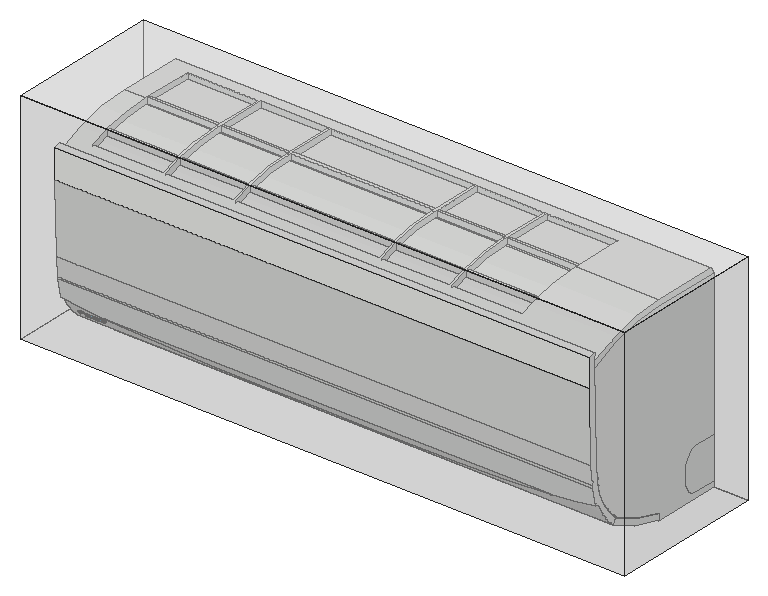
Revit family "outputfile", category 機械設備, Revit 2024
Family settings
  丸型コネクタ寸法 = 半径を使用
  パーツ タイプ = 標準
  OmniClass 番号 = 23.75.10.24.21.27.27
  OmniClass タイトル = Split System Air Conditioning Units
  作業面ベース = いいえ
  常に垂直 = はい
  ロード時にボイドで切り取り = いいえ
  注釈の向きを維持 = いいえ
  共有 = いいえ
  部屋計算ポイント = いいえ
Parameters (values of type "CTKC12RV2S")
  Description = ""
  書き出し IFC クラス(タイプ) = "IfcUnitaryEquipmentType"
  定義済み IFC タイプ(タイプ) = "AIRCONDITIONINGUNIT"
  Cost = 0
  Type Comments = ""
  Keynote = ""
  Type Image = (empty or 0)
  Assembly Code = ""
  w_wall hole = if(Width = 770.0 mm, 48.0 mm, 60.0 mm)  # 48.0 mm
  製造元 = "Daikin"
  モデル = "CTKC12RV2S"
  switch_frequency = yes
  r_Liquid Pipe Size = Liquid Pipe Size / 2  # 3.2 mm
  r_Gas Pipe Size = Gas Pipe Size / 2  # 4.75 mm
  r_Drain Pipe Size = Drain Pipe Size / 2  # 8.0 mm
  lw_powersupply [instance] = if(Width = 770.0 mm, if(or(Rear Right Connection_refrigerant, Bottom Right Connection_refrigerant), 25.0 mm, if(or(Rear Left Connection_refrigerant, Bottom Left Connection_refrigerant), 745.0 mm, 400.0 mm)), if(Width = 990.0 mm, if(or(Rear Right Connection_refrigerant, Bottom Right Connection_refrigerant), 40.0 mm, if(or(Rear Left Connection_refrigerant, Bottom Left Connection_refrigerant), 920.0 mm, 400.0 mm)), if(or(Rear Right Connection_refrigerant, Bottom Right Connection_refrigerant), 40.0 mm, if(or(Rear Left Connection_refrigerant, Bottom Left Connection_refrigerant), 920.0 mm, 400.0 mm))))  # 400.0 mm
  lw_liquidpipe [instance] = if(Width = 770.0 mm, if(or(Rear Right Connection_refrigerant, Bottom Right Connection_refrigerant), 0.0 mm, if(or(Rear Left Connection_refrigerant, Bottom Left Connection_refrigerant), 664.0 mm, 385.0 mm)), if(Width = 990.0 mm, if(or(Rear Right Connection_refrigerant, Bottom Right Connection_refrigerant), 0.0 mm, if(or(Rear Left Connection_refrigerant, Bottom Left Connection_refrigerant), 664.0 mm + (990.0 mm - 770.0 mm), 475.0 mm)), if(or(Rear Right Connection_refrigerant, Bottom Right Connection_refrigerant), 0.0 mm, if(or(Rear Left Connection_refrigerant, Bottom Left Connection_refrigerant), 664.0 mm + (990.0 mm - 770.0 mm), 475.0 mm))))  # 385.0 mm
  lw_gaspipe [instance] = if(Width = 770.0 mm, if(or(Rear Right Connection_refrigerant, Bottom Right Connection_refrigerant), 0.0 mm, if(or(Rear Left Connection_refrigerant, Bottom Left Connection_refrigerant), 675.0 mm, if(Gas Pipe Size = 12.7 mm, 345.0 mm, 335.0 mm))), if(Width = 990.0 mm, if(or(Rear Right Connection_refrigerant, Bottom Right Connection_refrigerant), 10.0 mm, if(or(Rear Left Connection_refrigerant, Bottom Left Connection_refrigerant), 890.0 mm, if(Gas Pipe Size = 15.9 mm, 410.0 mm, 400.0 mm))), if(or(Rear Right Connection_refrigerant, Bottom Right Connection_refrigerant), 10.0 mm, if(or(Rear Left Connection_refrigerant, Bottom Left Connection_refrigerant), 890.0 mm, if(Gas Pipe Size = 15.9 mm, 410.0 mm, 400.0 mm)))))  # 335.0 mm
  lw_drainpipe [instance] = if(Width = 770.0 mm, if(or(Rear Right Connection_refrigerant, Bottom Right Connection_refrigerant), 0.0 mm, if(or(Rear Left Connection_refrigerant, Bottom Left Connection_refrigerant), 770.0 mm - 48.0 mm - 48.0 mm, 440.0 mm)), if(Width = 990.0 mm, if(or(Rear Right Connection_refrigerant, Bottom Right Connection_refrigerant), 0.0 mm, if(or(Rear Left Connection_refrigerant, Bottom Left Connection_refrigerant), 675.0 mm + (990.0 mm - 770.0 mm), 435.0 mm)), if(or(Rear Right Connection_refrigerant, Bottom Right Connection_refrigerant), 0.0 mm, if(or(Rear Left Connection_refrigerant, Bottom Left Connection_refrigerant), 675.0 mm + (990.0 mm - 770.0 mm), 435.0 mm))))  # 440.0 mm
  l_powersupply_length [instance] = if(Width = 770.0 mm, if(Right Connection_refrigerant, 400.0 mm, if(Left Connection_refrigerant, 770.0 mm - 400.0 mm, if(or(Rear Left Connection_refrigerant, Rear Right Connection_refrigerant), 15.0 mm, 50.0 mm))), if(Width = 990.0 mm, if(Right Connection_refrigerant, 400.0 mm, if(Left Connection_refrigerant, 990.0 mm - 400.0 mm, if(or(Rear Left Connection_refrigerant, Rear Right Connection_refrigerant), 15.0 mm, 50.0 mm))), if(Right Connection_refrigerant, 400.0 mm, if(Left Connection_refrigerant, 990.0 mm - 400.0 mm, if(or(Rear Left Connection_refrigerant, Rear Right Connection_refrigerant), 15.0 mm, 50.0 mm)))))  # 400.0 mm
  l_liquidpipe_length [instance] = if(Width = 770.0 mm, if(Right Connection_refrigerant, 433.0 mm, if(Left Connection_refrigerant, 337.0 mm, if(or(Rear Left Connection_refrigerant, Rear Right Connection_refrigerant), 30.0 mm, 40.0 mm))), if(Width = 990.0 mm, if(Right Connection_refrigerant, 535.0 mm, if(Left Connection_refrigerant, 455.0 mm, if(or(Rear Left Connection_refrigerant, Rear Right Connection_refrigerant), 30.0 mm, 40.0 mm))), if(Right Connection_refrigerant, 535.0 mm, if(Left Connection_refrigerant, 455.0 mm, if(or(Rear Left Connection_refrigerant, Rear Right Connection_refrigerant), 30.0 mm, 40.0 mm)))))  # 433.0 mm
  l_gaspipe_length [instance] = if(Width = 770.0 mm, if(Right Connection_refrigerant, if(Gas Pipe Size = 12.7 mm, 393.0 mm, 383.0 mm), if(Left Connection_refrigerant, if(Gas Pipe Size = 12.7 mm, 770.0 mm - 393.0 mm, 770.0 mm - 383.0 mm), if(or(Rear Left Connection_refrigerant, Rear Right Connection_refrigerant), 40.0 mm, 50.0 mm))), if(Width = 990.0 mm, if(Right Connection_refrigerant, if(Gas Pipe Size = 15.9 mm, 470.0 mm, 460.0 mm), if(Left Connection_refrigerant, if(Gas Pipe Size = 15.9 mm, 990.0 mm - 470.0 mm, 990.0 mm - 460.0 mm), if(or(Rear Left Connection_refrigerant, Rear Right Connection_refrigerant), 40.0 mm, 50.0 mm))), if(Right Connection_refrigerant, if(Gas Pipe Size = 15.9 mm, 470.0 mm, 460.0 mm), if(Left Connection_refrigerant, if(Gas Pipe Size = 15.9 mm, 990.0 mm - 470.0 mm, 990.0 mm - 460.0 mm), if(or(Rear Left Connection_refrigerant, Rear Right Connection_refrigerant), 40.0 mm, 50.0 mm)))))  # 383.0 mm
  l_drainpipe_length [instance] = if(Width = 770.0 mm, if(Right Connection_refrigerant, 488.0 mm, if(Left Connection_refrigerant, 282.0 mm, if(or(Rear Left Connection_refrigerant, Rear Right Connection_refrigerant), 15.0 mm, 20.0 mm))), if(Width = 990.0 mm, if(Right Connection_refrigerant, 495.0 mm, if(Left Connection_refrigerant, 495.0 mm, if(or(Rear Left Connection_refrigerant, Rear Right Connection_refrigerant), 15.0 mm, 20.0 mm))), if(Right Connection_refrigerant, 495.0 mm, if(Left Connection_refrigerant, 495.0 mm, if(or(Rear Left Connection_refrigerant, Rear Right Connection_refrigerant), 15.0 mm, 20.0 mm)))))  # 488.0 mm
  h*** = 0.0 mm  # constant formula
  connector_voltage = Voltage_50Hz  # 220 V
  connector_powerinput = [Power Input (Cooling)]  # 0.000 kW
  connector_phase = Phase_50Hz  # 1
  angle_vertical [instance] = if(or(Bottom Left Connection_refrigerant, Bottom Right Connection_refrigerant), 0.00°, 90.00°)  # 90.00°
  angle_horizontal [instance] = if(Right Connection_refrigerant, 90.00°, if(Left Connection_refrigerant, -90.00°, if(or(Rear Left Connection_refrigerant, Rear Right Connection_refrigerant), 180.00°, 0.00°)))  # 90.00°
  Width = 770.0 mm
  Voltage_comment_50Hz = "220 - 240"
  Voltage_50Hz = 220 V
  Version = "ver.1.0"
  Unit Type = "Wall Mounted"
  Unit Mass Weight = 9.00 kg
  Unit Designation [instance] = ""
  Uniclass2015Version = "Products v1.30"
  Uniclass2015Title = "Split coil room air conditioning units"
  Uniclass2015Code = "Pr_70_65_03_86"
  URL = ""
  Total Cooling Capacity [instance] = 0.000 kW
  Sound Pressure Level_M speed (dBA) = 34
  Sound Pressure Level_L speed (dBA) = 26
  Sound Pressure Level_H speed (dBA) = 39
  Sound Power Level_H speed (dB) = 0
  Series = "Multi Split_Fan Coil Unit"
  Sensible Cooling Capacity [instance] = 0.000 kW
  Refrigerant Type = "R32"
  Power Input (Cooling) = 0.000 kW
  Phase_50Hz = 1
  Option Accessory 3 [instance] = ""
  Option Accessory 2 [instance] = ""
  Option Accessory 1 [instance] = ""
  Nominal Cooling Capacity = 3.500 kW
  Minimum Circuit Amps_50Hz = 0.0 A
  Minimum Airflow = 402.00 m³/h
  Median Airflow = 558.00 m³/h
  Maximum Fuse Amps_50Hz = 0.0 A
  Maximum Airflow = 690.00 m³/h
  Material_Casing = DAIKIN_White_Casing_indoorunit
  Load Classification = HVAC
  Liquid Pipe Size = 6.4 mm
  Link_Nested Family [instance] = ""
  IfcVersion = ""
  IfcExportType = "AIRCONDITIONINGUNIT"
  IfcExportAs = "IfcUnitaryEquipmentType"
  Height = 285.0 mm
  Heat Exchanger Type = "Cross Fin Coil"
  Gas Pipe Size = 9.5 mm
  Frequency_50Hz = 50 Hz
  Fan Type = "Cross Flow Fan"
  Fan Drive = "Direct Drive"
  FCU Tag No. [instance] = ""
  Drain Pipe Size = 16.0 mm
  Design Supply Airflow [instance] = 0.00 m³/h
  Depth = 223.0 mm
  既定の高さ = 0.0 mm
  Cooling Entering Wet Bulb Temperature [instance] = 0.00 °C
  Cooling Entering Dry Bulb Temperature [instance] = 0.00 °C
  Cooling Ambient Wet Bulb Temperature [instance] = 0.00 °C
  Cooling Ambient Dry Bulb Temperature [instance] = 0.00 °C
  Clearance visibility [instance] = yes
  Clearance Top = 30.0 mm
  Clearance Right = 50.0 mm
  Clearance Rear = 0.0 mm
  Clearance Left = 50.0 mm
  Clearance Front = 0.0 mm
  Clearance Bottom = 0.0 mm
  Bottom Right Connection_refrigerant [instance] = no
  Bottom Left Connection_refrigerant [instance] = no
  Rear Right Connection_refrigerant [instance] = no
  Rear Left Connection_refrigerant [instance] = no
  Right Connection_refrigerant [instance] = yes
  Left Connection_refrigerant [instance] = no
Reference planes
  plane 1 "Back": y = 0
  plane 2: z = 0
  plane 3 "Center (Left/Right)": x = 0
  plane 4 "Center (Front/Back)": y = -111.5
  plane 5 "Front": y = -223
  plane 6 "Left": x = -385
  plane 7 "Right": x = 385
  plane 8 "Top": z = 0
  plane 9 "Bottom": z = -285
  plane 10: x = -435
  plane 11: x = 435
  plane 12: y = 0
  plane 13: y = -223
  plane 14: z = 30
  plane 15: z = -285
  plane 16 "lw_Piping and Wiring intake": x = 337
  plane 17 "lw_gaspipe": x = 2
  plane 18 "lw_liquidpipe": x = -48
  plane 19 "lw_drainpipe": x = -103
  plane 20 "lh_drainpipe": z = -265
  plane 21 "lh_liquidpipe": z = -245
  plane 22 "lh_gaspipe": z = -235
  plane 23 "ld_drainpipe": y = -15
  plane 24 "ld_liquidpipe": y = -30
  plane 25 "ld_gaspipe": y = -40
  plane 26 "lw_powersupply": x = -15
Dimensions and locks
  equal spacing: plane 6 "Left", plane 3 "Center (Left/Right)", plane 7 "Right"
  "Width": plane 6 "Left" to plane 7 "Right"
  equal spacing: plane 5 "Front", plane 4 "Center (Front/Back)", plane 1 "Back"
  "Depth": plane 5 "Front" to plane 1 "Back"
  "Height": plane 8 "Top" to plane 9 "Bottom"
  "Clearance Rear": plane 12 to plane 1 "Back"
  "Clearance Front": plane 13 to plane 5 "Front"
  "Clearance Top": plane 14 to plane 8 "Top"
  "Clearance Bottom": plane 9 "Bottom" to plane 15
  "w_wall hole": plane 16 "lw_Piping and Wiring intake" to plane 7 "Right"
  "lw_gaspipe": plane 17 "lw_gaspipe" to plane 16 "lw_Piping and Wiring intake"
  "lw_liquidpipe": plane 18 "lw_liquidpipe" to plane 16 "lw_Piping and Wiring intake"
  "lw_drainpipe": plane 19 "lw_drainpipe" to plane 16 "lw_Piping and Wiring intake"
  locked: plane 20 "lh_drainpipe" to plane 9 "Bottom" at 20
  locked: plane 21 "lh_liquidpipe" to plane 9 "Bottom" at 40
  locked: plane 22 "lh_gaspipe" to plane 9 "Bottom" at 50
  locked: plane 23 "ld_drainpipe" to plane 1 "Back" at 15
  locked: plane 1 "Back" to plane 24 "ld_liquidpipe" at 30
  locked: plane 1 "Back" to plane 25 "ld_gaspipe" at 40
  "lw_powersupply": plane 26 "lw_powersupply" to plane 7 "Right"
  "Clearance Right": plane 7 "Right" to plane 11
  "Clearance Left": plane 10 to plane 6 "Left"
  aligned and locked: level to plane 2
  aligned and locked: plane 12 to nested 1
  aligned and locked: nested 1 to plane 13
  aligned and locked: plane 10 to nested 1
  aligned and locked: plane 11 to nested 1
  aligned and locked: plane 15 to nested 1
  aligned and locked: plane 14 to nested 1
  aligned and locked: plane 17 "lw_gaspipe" to nested 2
  aligned and locked: nested 2 to plane 25 "ld_gaspipe"
  aligned and locked: plane 18 "lw_liquidpipe" to nested 3
  aligned and locked: nested 3 to plane 24 "ld_liquidpipe"
  aligned and locked: plane 19 "lw_drainpipe" to nested 4
  aligned and locked: nested 4 to plane 23 "ld_drainpipe"
  aligned and locked: nested 5 to plane 23 "ld_drainpipe"
  aligned and locked: plane 26 "lw_powersupply" to nested 5
  aligned and locked: level to plane 8 "Top"
  aligned and locked: plane 3 "Center (Left/Right)" to nested 6
  aligned and locked: plane 1 "Back" to nested 6
  aligned and locked: plane 8 "Top" to nested 6
Nested families
  nested 1: "daikin_clearancespace" at (0, -111.5, -127.381), show <- "Clearance visibility", visible <- "Clearance visibility", Link_Nested Family <- "Link_Nested Family", type "daikin_clearancespace"
    with width 870.0 mm, show yes, height 315.0 mm, depth 223.0 mm, Link_Nested Family ""
  nested 2: "daikin_connector_rotate3" at (2, -40, -235), angle_vertical <- "angle_vertical", angle_horizontal <- "angle_horizontal", length <- "l_gaspipe_length", radius <- "r_Gas Pipe Size", type "daikin_connector_rotate3"
    with show no, radius 4.75 mm, length 383.0 mm, angle_vertical 90.00°, angle_horizontal 90.00°
  nested 3: "daikin_connector_rotate3" at (-48, -30, -245), angle_vertical <- "angle_vertical", angle_horizontal <- "angle_horizontal", radius <- "r_Liquid Pipe Size", length <- "l_liquidpipe_length", type "daikin_connector_rotate3"
    with show no, radius 3.2 mm, length 433.0 mm, angle_vertical 90.00°, angle_horizontal 90.00°
  nested 4: "daikin_connector_rotate3" at (-103, -15, -265), angle_vertical <- "angle_vertical", angle_horizontal <- "angle_horizontal", length <- "l_drainpipe_length", radius <- "r_Drain Pipe Size", type "daikin_connector_rotate3"
    with show no, radius 8.0 mm, length 488.0 mm, angle_vertical 90.00°, angle_horizontal 90.00°
  nested 5: "daikin_connector_rotate3" at (-15, -15, -235), angle_vertical <- "angle_vertical", angle_horizontal <- "angle_horizontal", length <- "l_powersupply_length", type "daikin_connector_rotate3"
    with show no, radius 10.0 mm, length 400.0 mm, angle_vertical 90.00°, angle_horizontal 90.00°
  nested 6: "DAIKIN_indoorunit_CTKC-RV2S" at (-31, 0, 0), type "CTKC-RV2S"
Connectors
  piping at (385, -40, -235), diameter 9.5, driven by "r_Gas Pipe Size"
    settings: on nested 2, index 1, connector inside diameter 609.6 mm, connector length 0.0 mm, flow factor 0, pipe flow 0.00 m³/h, pressure drop 0.0 Pa, fitting loss kfactor 0, connector angle 0.00°, fixture units 0, engagement length 0.0 mm, angle of deflection 0.00°, flow configuration 1, flow direction 2, fitting loss method 0, system type 29, joint type 0, gender type 0, connector reference index -1, connector utility 0, adjustable connector no, is connector primary yes, connector description "Refrigerant Gas Piping"
  piping at (385, -30, -245), diameter 6.4, driven by "r_Liquid Pipe Size"
    settings: on nested 3, index 2, connector inside diameter 609.6 mm, connector length 0.0 mm, flow factor 0, pipe flow 0.00 m³/h, pressure drop 0.0 Pa, fitting loss kfactor 0, connector angle 0.00°, fixture units 0, engagement length 0.0 mm, angle of deflection 0.00°, flow configuration 1, flow direction 1, fitting loss method 0, system type 29, joint type 0, gender type 0, connector reference index -1, connector utility 0, adjustable connector no, is connector primary no, connector description "Refrigerant Liquid Piping"
  piping at (385, -15, -265), diameter 16, driven by "r_Drain Pipe Size"
    settings: on nested 4, index 3, connector inside diameter 609.6 mm, connector length 0.0 mm, flow factor 0, pipe flow 0.00 m³/h, pressure drop 0.0 Pa, fitting loss kfactor 0, connector angle 0.00°, fixture units 0, engagement length 0.0 mm, angle of deflection 0.00°, flow configuration 1, flow direction 2, fitting loss method 4, system type 16, joint type 0, gender type 0, connector reference index -1, connector utility 0, adjustable connector no, is connector primary no, connector description "Condensate Drain Piping"
  electrical at (385, -15, -235), driven by "Load Classification", driven by "connector_powerinput", driven by "connector_voltage", driven by "connector_phase"
    settings: on nested 5, index 4, voltage 220 V, apparent load 0 VA, apparent load phase1 0 VA, apparent load phase2 0 VA, apparent load phase3 0 VA, power factor 1, load classification "HVAC", number of poles 1, system type 30, power factor state 1, is connector primary yes, connector utility no, sub classification motor no, connector description "Power Supply"
Definition of nested family "daikin_clearancespace"
  Parameters (values of type "daikin_clearancespace")
    Description = "daikin_clearancespace"
    width [instance] = 1823.963 mm
    show [instance] = yes
    material = none
    height [instance] = 1359.762 mm
    depth [instance] = 880.0 mm
    Default Elevation = 0.0 mm
    Link_Nested Family [instance] = ""
  Reference planes
    plane 1 "Center (Front/Back)": y = 0
    plane 2 "Center (Elevation)": z = -0.119
    plane 3 "Center (Left/Right)": x = 0
    plane 4: y = 440
    plane 5: y = -440
    plane 6 "Right": x = 911.982
    plane 7 "Left": x = -911.982
    plane 8 "Top": z = 679.762
    plane 9 "Bottom": z = -680
  Forms (mm)
    Extrusion 1, solid, material <- "material", visible <- "show"
      sketch origin (0, 0, 0) x (1, 0, 0) y (0, 1, 0)
        loop
          line (-911.982, 440) -> (-911.982, -440) -> (911.982, -440) -> (911.982, 440) -> (-911.982, 440)
      from -680 to 679.762
  Lines and regions (mm)
    symbolic lines, visible <- "show"
      curve 1: line (911.982, 440, 0) -> (-911.982, 440, 0)
      curve 2: line (-911.982, 440, 0) -> (-911.982, -440, 0)
      curve 3: line (-911.982, -440, 0) -> (911.982, -440, 0)
      curve 4: line (911.982, -440, 0) -> (911.982, 440, 0)
      curve 5: line (911.982, 0, 679.762) -> (-911.982, 0, 679.762)
      curve 6: line (911.982, 0, -680) -> (911.982, 0, 679.762)
      curve 7: line (-911.982, 0, -680) -> (911.982, 0, -680)
      curve 8: line (-911.982, 0, 679.762) -> (-911.982, 0, -680)
      curve 9: line (0, 440, 679.762) -> (0, -440, 679.762)
      curve 10: line (0, -440, 679.762) -> (0, -440, -680)
      curve 11: line (0, 440, -680) -> (0, 440, 679.762)
      curve 12: line (0, -440, -680) -> (0, 440, -680)
  Dimensions and locks
    "width": plane 7 "Left" to plane 6 "Right"
    "depth": plane 4 to plane 5
    "height": plane 8 "Top" to plane 9 "Bottom"
    equal spacing: plane 7 "Left", plane 3 "Center (Left/Right)", plane 6 "Right"
    equal spacing: plane 4, plane 1 "Center (Front/Back)", plane 5
    equal spacing: plane 8 "Top", plane 2 "Center (Elevation)", plane 9 "Bottom"
    aligned and locked: level to plane 2 "Center (Elevation)"
    aligned and locked: Extrusion 1 sketch curve to plane 4
    aligned and locked: plane 7 "Left" to Extrusion 1 sketch curve
    aligned and locked: Extrusion 1 sketch curve to plane 5
    aligned and locked: Extrusion 1 sketch curve to plane 6 "Right"
    aligned and locked: plane 8 "Top" to Extrusion 1
    aligned and locked: curve 1 to Extrusion 1
    aligned and locked: curve 2 to Extrusion 1
    aligned and locked: curve 3 to Extrusion 1
    aligned and locked: curve 4 to Extrusion 1
    aligned and locked: curve 5 to Extrusion 1
    aligned and locked: curve 6 to Extrusion 1
    aligned and locked: curve 7 to Extrusion 1
    aligned and locked: curve 8 to Extrusion 1
    aligned and locked: curve 9 to Extrusion 1
    aligned and locked: curve 10 to Extrusion 1
    aligned and locked: curve 11 to Extrusion 1
    aligned and locked: curve 12 to Extrusion 1
    aligned and locked: Extrusion 1 to plane 9 "Bottom"
Definition of nested family "DAIKIN_indoorunit_CTKC-RV2S"
  Parameters (values of type "CTKC-RV2S")
    Material_Casing = none
    Default Elevation = 0.0 mm
  Reference planes
    plane 1 "Center (Front/Back)": y = 0
    plane 2 "reference_level": z = 0
    plane 3 "Center (Left/Right)": x = 31
    plane 4: x = -354
    plane 5: x = 416
    plane 6: z = -285
  Forms (mm)
    Extrusion 1, solid, material <- "Material_Casing"
      sketch origin (29, 0, 0) x (0, 1, 0) y (0, 0, 1)
        loop
          line (-5, 0) -> (-98, 0)
          arc (-98, 0) -> (-157.611, -7.211) -> (-213.783, -28.427) r 250
          arc (-213.783, -28.427) -> (-213.842, -32.972) -> (-213.892, -37.516) r 2191
          arc (-213.892, -37.516) -> (-157.832, -15.495) -> (-98.07, -8) r 242
          line (-98.07, -8) -> (0, -8) -> (-5, 0)
      from -383 to 387
    Extrusion 2, solid, material <- "Material_Casing"
      sketch origin (416, 1296.25, 1200) x (0, 1, 0) y (0, 0, 1)
        loop
          line (-1472.998, -1446.91) -> (-1476.998, -1453.839)
          arc (-1476.998, -1453.839) -> (-1437.481, -1472.422) -> (-1395.25, -1483.538) r 240
          line (-1395.25, -1483.538) -> (-1395.25, -1475.422)
          arc (-1395.25, -1475.422) -> (-1435.407, -1464.663) -> (-1472.998, -1446.91) r 232
      from 0 to -47.5
    Extrusion 3, solid, material <- "Material_Casing"
      sketch origin (29, 0, 0) x (0, 1, 0) y (0, 0, 1)
        loop
          arc (-223, -60.455) -> (-222.414, -110.646) -> (-220.656, -160.81) r 2149.92
          arc (-220.656, -160.81) -> (-219.65, -174.299) -> (-217.853, -187.706) r 229.911
          arc (-217.853, -187.706) -> (-205.371, -223.594) -> (-181.517, -253.17) r 111
          line (-181.517, -253.17) -> (-177.429, -246.093)
          arc (-177.429, -246.093) -> (-198.77, -218.989) -> (-209.965, -186.36) r 103
          arc (-209.965, -186.36) -> (-211.681, -173.586) -> (-212.651, -160.735) r 221.844
          arc (-212.651, -160.735) -> (-214.739, -93.233) -> (-214.74, -25.699) r 2186.828
          arc (-214.74, -25.699) -> (-214.671, -21.467) -> (-214.594, -17.235) r 2192
          line (-214.594, -17.235) -> (-223, -19.961) -> (-223, -60.455)
      from -383 to 387
    Extrusion 4, solid, material <- "Material_Casing"
      sketch origin (29, 0, 0) x (0, 1, 0) y (0, 0, 1)
        loop
          line (-181.517, -253.17) -> (-179.597, -249.846)
          arc (-179.597, -249.846) -> (-202.009, -221.399) -> (-213.189, -186.952) r 103
          line (-213.189, -186.952) -> (-217.853, -187.706)
          arc (-217.853, -187.706) -> (-217.533, -189.556) -> (-217.182, -191.4) r 111
          arc (-217.182, -191.4) -> (-213.806, -208.181) -> (-210.362, -224.948) r 4257.809
          arc (-210.362, -224.948) -> (-198.886, -237.857) -> (-186.225, -249.607) r 180
          line (-186.225, -249.607) -> (-181.517, -253.17)
      from -383 to 387
    Extrusion 5, solid, material <- "Material_Casing"
      sketch origin (29, 0, -20) x (0, 1, 0) y (0, 0, 1)
        loop
          line (0, -265) -> (0, 12) -> (-98.07, 12)
          arc (-98.07, 12) -> (-157.832, 4.505) -> (-213.892, -17.516) r 242
          arc (-213.892, -17.516) -> (-213.638, -79.114) -> (-211.653, -140.681) r 2191
          arc (-211.653, -140.681) -> (-210.685, -153.501) -> (-208.973, -166.243) r 221
          arc (-208.973, -166.243) -> (-197.471, -199.282) -> (-175.482, -226.491) r 102
          arc (-175.482, -226.491) -> (-138.004, -244.019) -> (-98, -254.579) r 231
          line (-98, -254.579) -> (-98, -265) -> (0, -265)
      from -383 to 387
    Extrusion 6, solid, material <- "Material_Casing"
      sketch origin (-354, 1296.25, 1200) x (0, 1, 0) y (0, 0, 1)
        loop
          line (-1472.998, -1446.91) -> (-1476.998, -1453.839)
          arc (-1476.998, -1453.839) -> (-1437.481, -1472.422) -> (-1395.25, -1483.538) r 240
          line (-1395.25, -1483.538) -> (-1395.25, -1475.422)
          arc (-1395.25, -1475.422) -> (-1435.407, -1464.663) -> (-1472.998, -1446.91) r 232
      from 47 to 0
    Extrusion 7, solid, material <- "Material_Casing"
      sketch origin (416, 1296.25, 1200) x (0, 1, 0) y (0, 0, 1)
        loop
          line (-1472.998, -1446.91) -> (-1476.998, -1453.839)
          arc (-1476.998, -1453.839) -> (-1443.437, -1470.168) -> (-1407.75, -1481.097) r 240
          line (-1407.75, -1481.097) -> (-1407.75, -1472.894)
          arc (-1407.75, -1472.894) -> (-1441.363, -1462.385) -> (-1472.998, -1446.91) r 232
      from -116.993 to -48.493
    Extrusion 8, solid, material <- "Material_Casing"
      sketch origin (416, 1296.25, 1200) x (0, 1, 0) y (0, 0, 1)
        loop
          line (-1472.998, -1446.91) -> (-1476.998, -1453.839)
          arc (-1476.998, -1453.839) -> (-1443.437, -1470.168) -> (-1407.75, -1481.097) r 240
          line (-1407.75, -1481.097) -> (-1407.75, -1472.894)
          arc (-1407.75, -1472.894) -> (-1441.363, -1462.385) -> (-1472.998, -1446.91) r 232
      from -717 to -121.993
    Extrusion 9, void
      sketch origin (31, 0, -235) x (1, 0, 0) y (0, 1, 0)
        loop
          line (-252.674, -22.316) -> (-354.941, -22.316) -> (-354.941, -91.341) -> (-252.674, -91.341) -> (-252.674, -22.316)
        loop
          line (-249.341, -91.341) -> (-151.574, -91.341) -> (-151.574, -22.316) -> (-249.341, -22.316) -> (-249.341, -91.341)
        loop
          line (58.309, -22.316) -> (-148.309, -22.316) -> (-148.309, -91.341) -> (58.309, -91.341) -> (58.309, -22.316)
        loop
          line (61.689, -22.316) -> (61.689, -91.341) -> (159.457, -91.341) -> (159.457, -22.316) -> (61.689, -22.316)
        loop
          line (162.789, -22.316) -> (162.789, -91.341) -> (265.057, -91.341) -> (265.057, -22.316) -> (162.789, -22.316)
        loop
          line (-354.941, -94.659) -> (-354.941, -165.259) -> (-252.674, -165.259) -> (-252.674, -94.659) -> (-354.941, -94.659)
        loop
          line (-249.341, -94.659) -> (-249.341, -165.259) -> (-151.574, -165.259) -> (-151.574, -94.659) -> (-249.341, -94.659)
        loop
          line (-148.309, -94.659) -> (-148.309, -165.259) -> (58.309, -165.259) -> (58.309, -94.659) -> (-148.309, -94.659)
        loop
          line (61.689, -94.659) -> (61.689, -165.259) -> (159.457, -165.259) -> (159.457, -94.659) -> (61.689, -94.659)
        loop
          line (162.789, -94.659) -> (162.789, -165.259) -> (265.057, -165.259) -> (265.057, -94.659) -> (162.789, -94.659)
        loop
          line (-354.941, -167.382) -> (-354.941, -192.681) -> (-252.674, -192.681) -> (-252.674, -167.382) -> (-354.941, -167.382)
        loop
          line (-249.341, -167.382) -> (-249.341, -192.681) -> (-151.574, -192.681) -> (-151.574, -167.382) -> (-249.341, -167.382)
        loop
          line (-148.309, -167.382) -> (-148.309, -192.681) -> (58.309, -192.681) -> (58.309, -167.382) -> (-148.309, -167.382)
        loop
          line (159.457, -167.382) -> (61.689, -167.382) -> (61.689, -192.681) -> (159.457, -192.681) -> (159.457, -167.382)
        loop
          line (265.057, -167.382) -> (162.789, -167.382) -> (162.789, -192.681) -> (265.057, -192.681) -> (265.057, -167.382)
      from 201.638 to 250
    Extrusion 10, void
      sketch origin (31, 0, 0) x (1, 0, 0) y (0, 0, 1)
        loop
          arc (597, -174.907) -> (0.056, -245.263) -> (-597, -175.856) r 2585.042
          line (-597, -175.856) -> (-597, -352.872) -> (597, -352.872) -> (597, -174.907)
      from 173 to 315.3
    Extrusion 11, solid, material <- "Material_Casing"
      sketch origin (31, 0, 0) x (1, 0, 0) y (0, 0, 1)
        loop
          circle (337, -240.5) r 32.5
        loop
          circle (-337, -240.5) r 32.5
      from 0 to 5
    Extrusion 12, solid, material <- "Material_Casing"
      sketch origin (416, 1296.25, 1200) x (0, -1, 0) y (0, 0, 1)
        loop
          line (1326.25, -1417) -> (1296.25, -1417) -> (1296.25, -1477) -> (1326.25, -1477)
          arc (1326.25, -1477) -> (1340.393, -1471.142) -> (1346.25, -1457) r 20
          line (1346.25, -1457) -> (1346.25, -1437)
          arc (1346.25, -1437) -> (1340.393, -1422.858) -> (1326.25, -1417) r 20
      from 0 to 5
    Extrusion 13, solid, material <- "Material_Casing"
      sketch origin (-354, 1296.25, 1200) x (0, 1, 0) y (0, 0, 1)
        loop
          line (-1296.25, -1417) -> (-1326.25, -1417)
          arc (-1326.25, -1417) -> (-1340.393, -1422.858) -> (-1346.25, -1437) r 20
          line (-1346.25, -1437) -> (-1346.25, -1457)
          arc (-1346.25, -1457) -> (-1340.393, -1471.142) -> (-1326.25, -1477) r 20
          line (-1326.25, -1477) -> (-1296.25, -1477) -> (-1296.25, -1417)
      from 0 to 5
    Extrusion 14, solid, material <- "Material_Casing"
      sketch origin (31, 0, -285) x (-1, 0, 0) y (0, -1, 0)
        loop
          line (-314, 0) -> (-314, 30)
          arc (-314, 30) -> (-319.858, 44.142) -> (-334, 50) r 20
          line (-334, 50) -> (-354, 50)
          arc (-354, 50) -> (-368.142, 44.142) -> (-374, 30) r 20
          line (-374, 30) -> (-374, 0) -> (-314, 0)
        loop
          line (374, 0) -> (374, 30)
          arc (374, 30) -> (368.142, 44.142) -> (354, 50) r 20
          line (354, 50) -> (334, 50)
          arc (334, 50) -> (319.858, 44.142) -> (314, 30) r 20
          line (314, 30) -> (314, 0) -> (374, 0)
      from 0 to 5
  Cuts and joins
    Extrusion 9 cuts Extrusion 1
    Extrusion 10 cuts Extrusion 4
    joined: Extrusion 3, Extrusion 4
  Lines and regions (mm)
    reference lines
      curve 1: line (-523, -201.911, -229.404) -> (-523, -193.542, -239.977)
  Dimensions and locks
    locked: Extrusion 10 sketch curve to Extrusion 10 sketch curve at 1194
    Extrusion 10 sketch curve to Extrusion 10 sketch curve = 1194.0 mm
    locked: Extrusion 12 sketch curve to Extrusion 12 sketch curve at 60
    locked: Extrusion 12 sketch curve to Extrusion 12 sketch curve at 50
    locked: Extrusion 14 sketch curve to Extrusion 14 sketch curve at 60  (x2)
    locked: Extrusion 14 sketch curve to Extrusion 14 sketch curve at 50
    equal spacing: plane 5, plane 3 "Center (Left/Right)", plane 4
    plane 5 to plane 4 = 770.0 mm
    locked: Extrusion 11 sketch curve to plane 4 at 48
    plane 5 to Extrusion 11 sketch curve = 48.0 mm
    plane 2 "reference_level" to plane 6 = 285.0 mm
    locked: Extrusion 11 sketch curve to plane 6 at 44.5  (x2)
    locked: cut or joined group of Extrusion 3, Extrusion 4, Extrusion 10 to nested 1 at 15
    diameter of Extrusion 11 sketch curve = 65.0 mm  (x2)
    aligned and locked: level to plane 2 "reference_level"
    aligned and locked: nested 1 to curve 1
    aligned and locked: Extrusion 13 sketch curve to Extrusion 12  (x4)
    aligned and locked: Extrusion 14 sketch curve to Extrusion 14 sketch curve  (x2)
    aligned and locked: Extrusion 11 to plane 1 "Center (Front/Back)"
  Automatic sketch dimensions
    Extrusion 10 sketch curve to plane 3 "Center (Left/Right)" = 597.0 mm
    Extrusion 10 sketch curve to plane 3 "Center (Left/Right)" = 2.0 mm
    Extrusion 10 sketch curve to level = 352.872 mm
    Extrusion 10 sketch curve to level = 175.856 mm
    Extrusion 10 sketch curve to level = 174.907 mm
    curve 1 to level = 239.977 mm
    plane 1 "Center (Front/Back)" to curve 1 = 193.542 mm
    curve 1 to curve 1 = 10.573 mm
    curve 1 to curve 1 = 8.368 mm
    Extrusion 1 sketch curve to level = 0.0 mm
    Extrusion 1 sketch curve to plane 1 "Center (Front/Back)" = 0.0 mm
    plane 1 "Center (Front/Back)" to Extrusion 1 sketch curve = 5.0 mm
    plane 1 "Center (Front/Back)" to Extrusion 1 sketch curve = 98.0 mm
    Extrusion 1 sketch curve to Extrusion 1 sketch curve = 0.07 mm
    Extrusion 1 sketch curve to level = 59.292 mm
    Extrusion 1 sketch curve to plane 1 "Center (Front/Back)" = 1977.0 mm
    Extrusion 1 sketch curve to level = 250.0 mm
    Extrusion 1 sketch curve to Extrusion 1 sketch curve = 0.0 mm
    Extrusion 1 sketch curve to level = 8.0 mm
    Extrusion 1 sketch curve to level = 28.427 mm
    plane 1 "Center (Front/Back)" to Extrusion 2 sketch curve = 180.748 mm
    Extrusion 2 sketch curve to Extrusion 2 sketch curve = 4.0 mm
    Extrusion 2 sketch curve to Extrusion 2 sketch curve = 77.747 mm
    plane 1 "Center (Front/Back)" to Extrusion 2 sketch curve = 59.279 mm
    Extrusion 2 sketch curve to Extrusion 2 sketch curve = 0.0 mm
    Extrusion 2 sketch curve to level = 283.538 mm
    Extrusion 2 sketch curve to Extrusion 2 sketch curve = 8.116 mm
    Extrusion 2 sketch curve to Extrusion 2 sketch curve = 21.583 mm
    Extrusion 2 sketch curve to Extrusion 2 sketch curve = 6.929 mm
    Extrusion 3 sketch curve to level = 19.961 mm
    plane 1 "Center (Front/Back)" to Extrusion 3 sketch curve = 223.0 mm
    Extrusion 3 sketch curve to level = 17.235 mm
    Extrusion 3 sketch curve to Extrusion 3 sketch curve = 8.406 mm
    plane 1 "Center (Front/Back)" to Extrusion 3 sketch curve = 181.517 mm
    Extrusion 3 sketch curve to Extrusion 3 sketch curve = 4.087 mm
    Extrusion 3 sketch curve to Extrusion 3 sketch curve = 69.11 mm
    Extrusion 3 sketch curve to Extrusion 3 sketch curve = 0.001 mm
    Extrusion 3 sketch curve to plane 1 "Center (Front/Back)" = 8.955 mm
    Extrusion 3 sketch curve to Extrusion 3 sketch curve = 0.067 mm
    Extrusion 3 sketch curve to level = 60.455 mm
    Extrusion 3 sketch curve to Extrusion 3 sketch curve = 1917.898 mm
    Extrusion 3 sketch curve to Extrusion 3 sketch curve = 44.907 mm
    Extrusion 3 sketch curve to Extrusion 3 sketch curve = 5.172 mm
    Extrusion 3 sketch curve to level = 150.456 mm
    Extrusion 3 sketch curve to Extrusion 3 sketch curve = 0.006 mm
    Extrusion 3 sketch curve to Extrusion 3 sketch curve = 19.265 mm
    Extrusion 3 sketch curve to Extrusion 3 sketch curve = 0.004 mm
    Extrusion 3 sketch curve to Extrusion 3 sketch curve = 76.368 mm
    Extrusion 3 sketch curve to Extrusion 3 sketch curve = 7.077 mm
    Extrusion 3 sketch curve to Extrusion 3 sketch curve = 1.002 mm
    Extrusion 3 sketch curve to Extrusion 3 sketch curve = 0.046 mm
    Extrusion 3 sketch curve to Extrusion 3 sketch curve = 8.005 mm
    Extrusion 3 sketch curve to Extrusion 3 sketch curve = 0.147 mm
    Extrusion 3 sketch curve to Extrusion 3 sketch curve = 0.0 mm
    plane 1 "Center (Front/Back)" to Extrusion 4 sketch curve = 217.853 mm
    Extrusion 4 sketch curve to Extrusion 4 sketch curve = 4.664 mm
    Extrusion 4 sketch curve to Extrusion 4 sketch curve = 26.964 mm
    Extrusion 4 sketch curve to Extrusion 4 sketch curve = 4.708 mm
    Extrusion 4 sketch curve to Extrusion 4 sketch curve = 1.92 mm
    Extrusion 4 sketch curve to Extrusion 4 sketch curve = 68.441 mm
    Extrusion 4 sketch curve to Extrusion 4 sketch curve = 2.837 mm
    Extrusion 4 sketch curve to Extrusion 4 sketch curve = 38.066 mm
    level to Extrusion 4 sketch curve = 640.031 mm
    Extrusion 4 sketch curve to plane 1 "Center (Front/Back)" = 3958.661 mm
    Extrusion 4 sketch curve to level = 111.946 mm
    Extrusion 4 sketch curve to Extrusion 4 sketch curve = 57.779 mm
    Extrusion 4 sketch curve to Extrusion 4 sketch curve = 3.149 mm
    Extrusion 4 sketch curve to Extrusion 4 sketch curve = 14.078 mm
    Extrusion 4 sketch curve to Extrusion 4 sketch curve = 0.754 mm
    Extrusion 4 sketch curve to Extrusion 4 sketch curve = 0.239 mm
    Extrusion 4 sketch curve to Extrusion 4 sketch curve = 3.324 mm
    Extrusion 4 sketch curve to Extrusion 4 sketch curve = 0.0 mm
    Extrusion 5 sketch curve to plane 1 "Center (Front/Back)" = 0.0 mm
    plane 1 "Center (Front/Back)" to Extrusion 5 sketch curve = 59.278 mm
    Extrusion 5 sketch curve to Extrusion 5 sketch curve = 98.0 mm
    Extrusion 5 sketch curve to Extrusion 5 sketch curve = 0.0 mm  (x3)
    Extrusion 5 sketch curve to level = 8.0 mm
    Extrusion 5 sketch curve to Extrusion 5 sketch curve = 38.791 mm
    Extrusion 5 sketch curve to Extrusion 5 sketch curve = 10.249 mm
    Extrusion 5 sketch curve to plane 1 "Center (Front/Back)" = 9.11 mm
    Extrusion 5 sketch curve to level = 59.292 mm
    Extrusion 5 sketch curve to Extrusion 5 sketch curve = 1967.89 mm
    Extrusion 5 sketch curve to Extrusion 5 sketch curve = 142.454 mm
    Extrusion 5 sketch curve to Extrusion 5 sketch curve = 19.271 mm
    Extrusion 5 sketch curve to Extrusion 5 sketch curve = 80.275 mm
    Extrusion 5 sketch curve to Extrusion 5 sketch curve = 24.579 mm
    Extrusion 5 sketch curve to Extrusion 5 sketch curve = 10.421 mm
    Extrusion 5 sketch curve to level = 46.847 mm
    Extrusion 5 sketch curve to Extrusion 5 sketch curve = 77.412 mm
    Extrusion 5 sketch curve to Extrusion 5 sketch curve = 33.49 mm
    Extrusion 5 sketch curve to Extrusion 5 sketch curve = 2.68 mm
    plane 1 "Center (Front/Back)" to Extrusion 6 sketch curve = 180.748 mm
    Extrusion 6 sketch curve to Extrusion 6 sketch curve = 4.0 mm
    Extrusion 6 sketch curve to Extrusion 6 sketch curve = 77.747 mm
    plane 1 "Center (Front/Back)" to Extrusion 6 sketch curve = 59.279 mm
    Extrusion 6 sketch curve to Extrusion 6 sketch curve = 0.0 mm
    Extrusion 6 sketch curve to level = 283.538 mm
    Extrusion 6 sketch curve to Extrusion 6 sketch curve = 8.116 mm
    Extrusion 6 sketch curve to Extrusion 6 sketch curve = 21.583 mm
    Extrusion 6 sketch curve to Extrusion 6 sketch curve = 6.929 mm
    plane 1 "Center (Front/Back)" to Extrusion 7 sketch curve = 180.748 mm
    Extrusion 7 sketch curve to Extrusion 7 sketch curve = 4.0 mm
    Extrusion 7 sketch curve to Extrusion 7 sketch curve = 65.247 mm
    plane 1 "Center (Front/Back)" to Extrusion 7 sketch curve = 59.279 mm
    Extrusion 7 sketch curve to Extrusion 7 sketch curve = 0.0 mm
    Extrusion 7 sketch curve to level = 281.097 mm
    Extrusion 7 sketch curve to Extrusion 7 sketch curve = 8.203 mm
    Extrusion 7 sketch curve to Extrusion 7 sketch curve = 19.055 mm
    Extrusion 7 sketch curve to Extrusion 7 sketch curve = 6.929 mm
    plane 1 "Center (Front/Back)" to Extrusion 8 sketch curve = 180.748 mm
    Extrusion 8 sketch curve to Extrusion 8 sketch curve = 4.0 mm
    Extrusion 8 sketch curve to Extrusion 8 sketch curve = 65.247 mm
    plane 1 "Center (Front/Back)" to Extrusion 8 sketch curve = 59.279 mm
    Extrusion 8 sketch curve to Extrusion 8 sketch curve = 0.0 mm
    Extrusion 8 sketch curve to level = 281.097 mm
    Extrusion 8 sketch curve to Extrusion 8 sketch curve = 8.203 mm
    Extrusion 8 sketch curve to Extrusion 8 sketch curve = 19.055 mm
    Extrusion 8 sketch curve to Extrusion 8 sketch curve = 6.929 mm
    plane 1 "Center (Front/Back)" to Extrusion 9 sketch curve = 165.259 mm  (x2)
    Extrusion 9 sketch curve to plane 3 "Center (Left/Right)" = 354.941 mm
    plane 1 "Center (Front/Back)" to Extrusion 9 sketch curve = 22.316 mm  (x3)
    Extrusion 9 sketch curve to Extrusion 9 sketch curve = 0.0 mm  (x26)
    Extrusion 9 sketch curve to Extrusion 9 sketch curve = 102.268 mm  (x2)
    Extrusion 9 sketch curve to Extrusion 9 sketch curve = 3.332 mm  (x4)
    Extrusion 9 sketch curve to Extrusion 9 sketch curve = 97.768 mm  (x2)
    Extrusion 9 sketch curve to Extrusion 9 sketch curve = 3.264 mm  (x3)
    plane 3 "Center (Left/Right)" to Extrusion 9 sketch curve = 58.309 mm
    Extrusion 9 sketch curve to Extrusion 9 sketch curve = 3.38 mm  (x3)
    Extrusion 9 sketch curve to Extrusion 9 sketch curve = 2.124 mm  (x6)
    Extrusion 9 sketch curve to Extrusion 9 sketch curve = 25.299 mm  (x2)
    Extrusion 9 sketch curve to Extrusion 9 sketch curve = 70.6 mm
    Extrusion 9 sketch curve to Extrusion 9 sketch curve = 3.317 mm  (x4)
    Extrusion 12 sketch curve to plane 1 "Center (Front/Back)" = 0.0 mm
    Extrusion 12 sketch curve to Extrusion 12 sketch curve = 20.0 mm  (x2)
    Extrusion 12 sketch curve to level = 277.0 mm
    plane 1 "Center (Front/Back)" to Extrusion 14 sketch curve = 0.0 mm
    plane 3 "Center (Left/Right)" to Extrusion 14 sketch curve = 374.0 mm
    Extrusion 14 sketch curve to Extrusion 14 sketch curve = 20.0 mm  (x3)
    plane 1 "Center (Front/Back)" to Extrusion 14 sketch curve = 30.0 mm
    Extrusion 14 sketch curve to plane 3 "Center (Left/Right)" = 314.0 mm
  Nested families
    nested 1: "daikin_logo_plane_w40" at (-320, -198.871, -233.244) x (1, 0, 0) z (0, -0.7841, -0.6206), type "daikin_logo_plane_w40"
      with show_logo yes
  Definition of nested family "daikin_logo_plane_w40"
    Parameters (values of type "daikin_logo_plane_w40")
      width = 40.0 mm
      show_logo [instance] = yes
      material = none
      height = 0.0 mm
      depth = 0.0 mm
      Default Elevation = 1219.2 mm
    Reference planes
      plane 1 "Center (Front/Back)": y = 0
      plane 2: z = 0
      plane 3 "Center (Left/Right)": x = 0
      plane 4: z = 2
      plane 5 "left": x = -19
      plane 6: x = 19
    Forms (mm)
      Extrusion 1, solid, visible <- "show_logo"
        sketch origin (-19, 0, 0) x (1, 0, 0) y (0, 1, 0)
          loop
            line (8.902, -1.878) -> (7.789, -6.332) -> (11.13, -6.332)
            arc (11.13, -6.332) -> (12.454, -6.064) -> (13.472, -5.176) r 2.642
            arc (13.472, -5.176) -> (13.92, -4.02) -> (13.767, -2.79) r 2.537
            arc (13.767, -2.79) -> (13.452, -2.342) -> (12.982, -2.06) r 1.321
            arc (12.982, -2.06) -> (12.063, -1.902) -> (11.13, -1.878) r 6.479
            line (11.13, -1.878) -> (8.902, -1.878)
          loop
            line (10.016, -5.441) -> (10.907, -5.441)
            arc (10.907, -5.441) -> (11.591, -4.983) -> (11.988, -4.261) r 1.742
            spline (11.988, -4.261) -> (12.01, -4.155) -> (12.027, -4.03) -> (12.037, -3.893) -> (12.037, -3.747) -> (12.026, -3.598) -> (12.002, -3.451) -> (11.962, -3.31) -> (11.905, -3.181) -> (11.829, -3.069) -> (11.731, -2.978) -> (11.61, -2.913) -> (11.464, -2.88)
            line (11.464, -2.88) -> (10.573, -2.88) -> (10.016, -5.441)
          loop
            line (13.58, -6.332) -> (14.805, -6.332) -> (15.223, -5.553) -> (16.977, -5.553) -> (17.144, -6.332) -> (19.149, -6.332) -> (18.258, -1.878) -> (16.03, -1.878) -> (13.58, -6.332)
          loop
            line (16.476, -3.214) -> (15.76, -4.551) -> (16.762, -4.551) -> (16.476, -3.214)
          loop
            line (19.705, -6.332) -> (21.599, -6.332) -> (22.712, -1.878) -> (20.819, -1.878) -> (19.705, -6.332)
          loop
            line (22.712, -6.332) -> (24.606, -6.332) -> (24.908, -5.122) -> (25.831, -6.332) -> (28.17, -6.332) -> (26.388, -3.994) -> (28.949, -1.878) -> (26.945, -1.878) -> (25.401, -3.153) -> (25.719, -1.878) -> (23.826, -1.878) -> (22.712, -6.332)
          loop
            line (29.84, -1.878) -> (28.615, -6.332) -> (30.62, -6.332) -> (31.734, -1.878) -> (29.84, -1.878)
          loop
            line (31.734, -6.332) -> (33.07, -6.332) -> (33.7, -3.814) -> (34.518, -6.332) -> (36.745, -6.332) -> (37.859, -1.878) -> (36.523, -1.878) -> (35.845, -4.589) -> (34.963, -1.878) -> (32.847, -1.878) -> (31.734, -6.332)
        from 0 to 2
      Extrusion 2, solid, visible <- "show_logo"
        sketch origin (-19, 0, 0) x (1, 0, 0) y (0, 1, 0)
          loop
            line (8.7, 0) -> (4.235, 0) -> (0, -3.879) -> (0, -8) -> (8.7, 0)
        from 0 to 2
      Extrusion 3, solid, visible <- "show_logo"
        sketch origin (-19, 0, 0) x (1, 0, 0) y (0, 1, 0)
          loop
            line (0, 0) -> (0, -3.879) -> (4.235, 0) -> (0, 0)
        from 0 to 2
    Dimensions and locks
      plane 4 to plane 2 = 2.0 mm
      equal spacing: plane 5 "left", plane 3 "Center (Left/Right)", plane 6
      locked: plane 5 "left" to plane 6 at 38
      aligned and locked: level to plane 2
      aligned and locked: Extrusion 3 to plane 1 "Center (Front/Back)"  (x2)
      aligned and locked: Extrusion 2 to plane 1 "Center (Front/Back)"  (x2)
      aligned and locked: plane 4 to Extrusion 1
      aligned and locked: plane 4 to Extrusion 3
      aligned and locked: plane 4 to Extrusion 2
      aligned and locked: Extrusion 3 to plane 5 "left"
      aligned and locked: Extrusion 2 to plane 5 "left"
    Automatic sketch dimensions
      Extrusion 1 sketch curve to Extrusion 1 sketch curve = 0.901 mm
      Extrusion 1 sketch curve to Extrusion 1 sketch curve = 1.559 mm
      Extrusion 1 sketch curve to Extrusion 1 sketch curve = 1.327 mm
      Extrusion 1 sketch curve to Extrusion 1 sketch curve = 2.145 mm
      Extrusion 1 sketch curve to Extrusion 1 sketch curve = 1.448 mm
      Extrusion 1 sketch curve to Extrusion 1 sketch curve = 2.116 mm
      Extrusion 1 sketch curve to Extrusion 1 sketch curve = 1.114 mm  (x4)
      Extrusion 1 sketch curve to Extrusion 1 sketch curve = 1.336 mm  (x2)
      plane 1 "Center (Front/Back)" to Extrusion 1 sketch curve = 1.878 mm  (x5)
      Extrusion 1 sketch curve to Extrusion 1 sketch curve = 1.893 mm  (x5)
      Extrusion 1 sketch curve to Extrusion 1 sketch curve = 0.891 mm  (x4)
      Extrusion 1 sketch curve to Extrusion 1 sketch curve = 2.005 mm  (x3)
      Extrusion 1 sketch curve to Extrusion 1 sketch curve = 0.445 mm  (x2)
      plane 1 "Center (Front/Back)" to Extrusion 1 sketch curve = 3.994 mm
      Extrusion 1 sketch curve to Extrusion 1 sketch curve = 0.557 mm  (x2)
      Extrusion 1 sketch curve to Extrusion 1 sketch curve = 2.339 mm  (x2)
      Extrusion 1 sketch curve to Extrusion 1 sketch curve = 1.225 mm  (x3)
      plane 1 "Center (Front/Back)" to Extrusion 1 sketch curve = 3.153 mm
      Extrusion 1 sketch curve to Extrusion 1 sketch curve = 0.987 mm
      plane 1 "Center (Front/Back)" to Extrusion 1 sketch curve = 5.122 mm
      Extrusion 1 sketch curve to Extrusion 1 sketch curve = 0.922 mm
      plane 1 "Center (Front/Back)" to Extrusion 1 sketch curve = 6.332 mm
      Extrusion 1 sketch curve to Extrusion 1 sketch curve = 2.562 mm
      plane 1 "Center (Front/Back)" to Extrusion 1 sketch curve = 5.553 mm
      Extrusion 1 sketch curve to Extrusion 1 sketch curve = 0.167 mm
      Extrusion 1 sketch curve to Extrusion 1 sketch curve = 0.215 mm
      plane 1 "Center (Front/Back)" to Extrusion 1 sketch curve = 3.214 mm
      Extrusion 1 sketch curve to Extrusion 1 sketch curve = 0.286 mm
      plane 1 "Center (Front/Back)" to Extrusion 1 sketch curve = 4.551 mm
      Extrusion 1 sketch curve to Extrusion 1 sketch curve = 1.002 mm
      Extrusion 1 sketch curve to Extrusion 1 sketch curve = 0.537 mm
      Extrusion 1 sketch curve to Extrusion 1 sketch curve = 0.418 mm
      Extrusion 1 sketch curve to Extrusion 1 sketch curve = 1.028 mm
      plane 1 "Center (Front/Back)" to Extrusion 1 sketch curve = 4.261 mm
      Extrusion 1 sketch curve to Extrusion 1 sketch curve = 0.563 mm
      plane 1 "Center (Front/Back)" to Extrusion 1 sketch curve = 2.88 mm
      Extrusion 1 sketch curve to Extrusion 1 sketch curve = 1.088 mm
      Extrusion 1 sketch curve to Extrusion 1 sketch curve = 2.152 mm
      Extrusion 1 sketch curve to Extrusion 1 sketch curve = 0.586 mm
      Extrusion 1 sketch curve to Extrusion 1 sketch curve = 0.118 mm
      Extrusion 1 sketch curve to Extrusion 1 sketch curve = 0.298 mm
      Extrusion 1 sketch curve to Extrusion 1 sketch curve = 0.334 mm
      Extrusion 1 sketch curve to Extrusion 1 sketch curve = 0.223 mm
      Extrusion 1 sketch curve to Extrusion 1 sketch curve = 0.266 mm
      Extrusion 1 sketch curve to Extrusion 1 sketch curve = 1.671 mm
      Extrusion 1 sketch curve to Extrusion 1 sketch curve = 2.227 mm
      Extrusion 1 sketch curve to Extrusion 1 sketch curve = 0.0 mm  (x7)
      Extrusion 1 sketch curve to Extrusion 1 sketch curve = 3.453 mm
      Extrusion 1 sketch curve to Extrusion 1 sketch curve = 2.017 mm
      Extrusion 1 sketch curve to Extrusion 1 sketch curve = 0.78 mm  (x2)
      Extrusion 1 sketch curve to Extrusion 1 sketch curve = 1.743 mm
      Extrusion 1 sketch curve to Extrusion 1 sketch curve = 0.775 mm
      Extrusion 1 sketch curve to Extrusion 1 sketch curve = 0.552 mm
      Extrusion 1 sketch curve to Extrusion 1 sketch curve = 0.014 mm
      Extrusion 1 sketch curve to Extrusion 1 sketch curve = 0.952 mm
      Extrusion 1 sketch curve to Extrusion 1 sketch curve = 1.215 mm
      Extrusion 1 sketch curve to Extrusion 1 sketch curve = 0.108 mm
      plane 1 "Center (Front/Back)" to Extrusion 2 sketch curve = 0.0 mm
      Extrusion 2 sketch curve to plane 3 "Center (Left/Right)" = 19.0 mm
      Extrusion 2 sketch curve to plane 3 "Center (Left/Right)" = 14.765 mm
      Extrusion 2 sketch curve to Extrusion 2 sketch curve = 4.465 mm
      plane 1 "Center (Front/Back)" to Extrusion 2 sketch curve = 3.879 mm
      Extrusion 2 sketch curve to Extrusion 2 sketch curve = 4.12 mm
      plane 1 "Center (Front/Back)" to Extrusion 3 sketch curve = 0.0 mm
      Extrusion 3 sketch curve to plane 3 "Center (Left/Right)" = 19.0 mm
      Extrusion 3 sketch curve to plane 3 "Center (Left/Right)" = 14.765 mm
      plane 1 "Center (Front/Back)" to Extrusion 3 sketch curve = 3.879 mm
      Extrusion 1 sketch curve to plane 3 "Center (Left/Right)" = 11.211 mm
      Extrusion 1 sketch curve to Extrusion 1 sketch curve = 1.782 mm
Definition of nested family "daikin_connector_rotate3"
  Parameters (values of type "daikin_connector_rotate3")
    show [instance] = yes
    radius [instance] = 10.0 mm
    length [instance] = 600.0 mm
    angle_horizontal [instance] = 60.00°
    angle_vertical [instance] = 90.00°
    Default Elevation = 1219.2 mm
  Reference planes
    plane 1 "Center (Front/Back)": y = 0
    plane 2: z = 0
    plane 3 "Center (Left/Right)": x = 0
  Dimensions and locks
    "angle_horizontal": angle plane 3 "Center (Left/Right)" to nested 1
    aligned and locked: level to plane 2
    aligned and locked: plane 1 "Center (Front/Back)" to nested 1  (x2)
    aligned and locked: plane 3 "Center (Left/Right)" to nested 1
  Nested families
    nested 1: "daikin_connector_rotate2" at (0, 0, 0) x (0.5, 0.866, 0) z (0, 0, 1), angle_vertical <- "angle_vertical", length <- "length", radius <- "radius", type "daikin_connector_rotate2"
      with radius 10.0 mm, length 600.0 mm, angle_vertical 90.00°
  Definition of nested family "daikin_connector_rotate2"
    Parameters (values of type "daikin_connector_rotate2")
      show_face = yes
      radius [instance] = 10.0 mm
      length [instance] = 600.0 mm
      d_surface = 10.0 mm
      angle_vertical [instance] = 90.00°
      Default Elevation = 0.0 mm
    Reference planes
      plane 1 "Center (Front/Back)": y = 0
      plane 2: z = 0
      plane 3 "Center (Left/Right)": x = 0
    Forms (mm)
      Extrusion 1, solid, visible <- "show_face"
        sketch origin (0, -600, 0) x (1, 0, 0) y (0, 0, 1)
          loop
            circle (0, 0) r 10
        from 0 to -10
    Lines and regions (mm)
      reference lines
        curve 1: line (0, 0, 0) -> (0, -600, 0)
      symbolic lines
        curve 2: circle (0, 0, 0) r 5 normal (0, 0, 1)
      model lines, visible <- "show_face"
        curve 3: line (0, 0, 0) -> (0, -600, 0)
    Dimensions and locks
      "length": curve 1 to curve 1
      "length": curve 3 to curve 3
      "d_surface": Extrusion 1 to Extrusion 1
      "radius": radius of Extrusion 1 sketch curve
      "angle_vertical": angle curve 1 to plane 1 "Center (Front/Back)"
      "angle_vertical": angle curve 3 to plane 1 "Center (Front/Back)"
      aligned and locked: level to plane 2
      aligned and locked: plane 1 "Center (Front/Back)" to curve 1
      aligned and locked: plane 2 to curve 1
      aligned and locked: plane 1 "Center (Front/Back)" to curve 2
      aligned and locked: plane 3 "Center (Left/Right)" to curve 2
      aligned and locked: plane 1 "Center (Front/Back)" to curve 3
      aligned and locked: plane 2 to curve 3
      aligned and locked: Extrusion 1 to Extrusion 1
    Automatic sketch dimensions
      Extrusion 1 sketch curve to level = 0.0 mm
      Extrusion 1 sketch curve to plane 3 "Center (Left/Right)" = 0.0 mm
      radius of curve 2 = 5.0 mm
